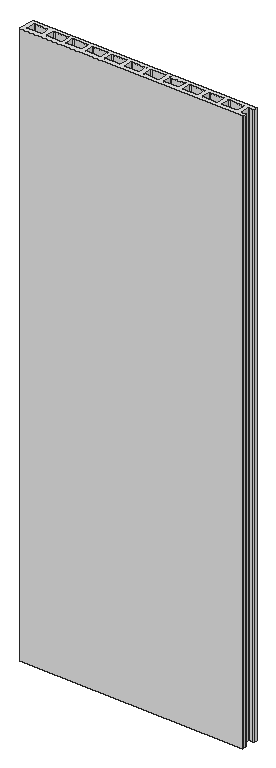
Revit family "ECP_MNH-6080A(オス側カット)", category 一般モデル, Revit 2022
Family settings
  鉄筋をホスト可能 = いいえ
  丸型コネクタ寸法 = 直径を使用
  パーツ タイプ = 標準
  作業面ベース = いいえ
  常に垂直 = はい
  ロード時にボイドで切り取り = はい
  注釈の向きを維持 = いいえ
  共有 = いいえ
  部屋計算ポイント = いいえ
Parameters (values of type "ECP_MNH-6080A")
  長さ [instance] = 2000 mm
  穴表示 = yes
  材質 = 40Msr_ECP
  既定の高さ = 0 mm
  既存長さ = 800 mm
  幅 [instance] = 790 mm
  固定寸法 = 790 mm
  厚さ = 60 mm
  オース側カット [instance] = 固定寸法 - 幅  # 0 mm
  4 オス側カット [instance] = yes
Reference planes
  plane 1 "中心(正面/背面)": y = 0
  plane 2: z = 0
  plane 3 "中心(左/右)": x = 0
  plane 4: y = -30
  plane 5: y = 30
  plane 6: z = 2000
  plane 7: x = 790
  plane 8: x = 0
Forms (mm)
  Extrusion 1, solid, material "40Msr_ECP" <- "材質", detail levels fine
    sketch origin (0, 0, 0) x (1, 0, 0) y (0, 1, 0)
      loop
        line (0, -28) -> (2, -30) -> (788, -30) -> (790, -28) -> (790, -19)
        arc (790, -19) -> (789.121, -16.879) -> (787, -16) r 3
        line (787, -16) -> (773, -16)
        arc (773, -16) -> (770.879, -15.121) -> (770, -13) r 3
        line (770, -13) -> (770, 13)
        arc (770, 13) -> (770.879, 15.121) -> (773, 16) r 3
        line (773, 16) -> (787, 16)
        arc (787, 16) -> (789.121, 16.879) -> (790, 19) r 3
        line (790, 19) -> (790, 28) -> (788, 30) -> (2, 30) -> (0, 28) -> (0, 16)
        arc (0, 16) -> (-0.879, 13.879) -> (-3, 13) r 3
        line (-3, 13) -> (-17, 13)
        arc (-17, 13) -> (-19.121, 12.121) -> (-20, 10) r 3
        line (-20, 10) -> (-20, -10)
        arc (-20, -10) -> (-19.121, -12.121) -> (-17, -13) r 3
        line (-17, -13) -> (-3, -13)
        arc (-3, -13) -> (-0.879, -13.879) -> (0, -16) r 3
        line (0, -16) -> (0, -28)
    from 0 to 2000
  Extrusion 2, void
    sketch origin (-50, 0, 0) x (1, 0, 0) y (0, 1, 0)
      loop
        line (30, -30) -> (50, -30) -> (50, 30) -> (30, 30) -> (30, -30)
    from 0 to 2000
  Extrusion 3, void
    sketch origin (-617, 0, 0) x (1, 0, 0) y (0, 1, 0)
      loop
        line (634.15, -16) -> (682.85, -16)
        arc (682.85, -16) -> (684.972, -15.121) -> (685.85, -13) r 3
        line (685.85, -13) -> (685.85, 13)
        arc (685.85, 13) -> (684.972, 15.121) -> (682.85, 16) r 3
        line (682.85, 16) -> (634.15, 16)
        arc (634.15, 16) -> (632.029, 15.121) -> (631.15, 13) r 3
        line (631.15, 13) -> (631.15, -13)
        arc (631.15, -13) -> (632.029, -15.121) -> (634.15, -16) r 3
      loop
        line (702.85, -16) -> (751.55, -16)
        arc (751.55, -16) -> (753.672, -15.121) -> (754.55, -13) r 3
        line (754.55, -13) -> (754.55, 13)
        arc (754.55, 13) -> (753.672, 15.121) -> (751.55, 16) r 3
        line (751.55, 16) -> (702.85, 16)
        arc (702.85, 16) -> (700.729, 15.121) -> (699.85, 13) r 3
        line (699.85, 13) -> (699.85, -13)
        arc (699.85, -13) -> (700.729, -15.121) -> (702.85, -16) r 3
      loop
        line (771.5, -16) -> (820.25, -16)
        arc (820.25, -16) -> (822.372, -15.121) -> (823.25, -13) r 3
        line (823.25, -13) -> (823.25, 13)
        arc (823.25, 13) -> (822.372, 15.121) -> (820.25, 16) r 3
        line (820.25, 16) -> (771.5, 16)
        arc (771.5, 16) -> (769.379, 15.121) -> (768.5, 13) r 3
        line (768.5, 13) -> (768.5, -13)
        arc (768.5, -13) -> (769.379, -15.121) -> (771.5, -16) r 3
      loop
        line (840.25, -16) -> (888.95, -16)
        arc (888.95, -16) -> (891.072, -15.121) -> (891.95, -13) r 3
        line (891.95, -13) -> (891.95, 13)
        arc (891.95, 13) -> (891.072, 15.121) -> (888.95, 16) r 3
        line (888.95, 16) -> (840.25, 16)
        arc (840.25, 16) -> (838.129, 15.121) -> (837.25, 13) r 3
        line (837.25, 13) -> (837.25, -13)
        arc (837.25, -13) -> (838.129, -15.121) -> (840.25, -16) r 3
      loop
        line (908.95, -16) -> (957.65, -16)
        arc (957.65, -16) -> (959.772, -15.121) -> (960.65, -13) r 3
        line (960.65, -13) -> (960.65, 13)
        arc (960.65, 13) -> (959.772, 15.121) -> (957.65, 16) r 3
        line (957.65, 16) -> (908.95, 16)
        arc (908.95, 16) -> (906.829, 15.121) -> (905.95, 13) r 3
        line (905.95, 13) -> (905.95, -13)
        arc (905.95, -13) -> (906.829, -15.121) -> (908.95, -16) r 3
      loop
        line (977.65, -16) -> (1026.35, -16)
        arc (1026.35, -16) -> (1028.472, -15.121) -> (1029.35, -13) r 3
        line (1029.35, -13) -> (1029.35, 13)
        arc (1029.35, 13) -> (1028.472, 15.121) -> (1026.35, 16) r 3
        line (1026.35, 16) -> (977.65, 16)
        arc (977.65, 16) -> (975.529, 15.121) -> (974.65, 13) r 3
        line (974.65, 13) -> (974.65, -13)
        arc (974.65, -13) -> (975.529, -15.121) -> (977.65, -16) r 3
      loop
        line (1046.35, -16) -> (1095.05, -16)
        arc (1095.05, -16) -> (1097.172, -15.121) -> (1098.05, -13) r 3
        line (1098.05, -13) -> (1098.05, 13)
        arc (1098.05, 13) -> (1097.172, 15.121) -> (1095.05, 16) r 3
        line (1095.05, 16) -> (1046.35, 16)
        arc (1046.35, 16) -> (1044.229, 15.121) -> (1043.35, 13) r 3
        line (1043.35, 13) -> (1043.35, -13)
        arc (1043.35, -13) -> (1044.229, -15.121) -> (1046.35, -16) r 3
      loop
        line (1115.05, -16) -> (1163.75, -16)
        arc (1163.75, -16) -> (1165.872, -15.121) -> (1166.75, -13) r 3
        line (1166.75, -13) -> (1166.75, 13)
        arc (1166.75, 13) -> (1165.872, 15.121) -> (1163.75, 16) r 3
        line (1163.75, 16) -> (1115.05, 16)
        arc (1115.05, 16) -> (1112.929, 15.121) -> (1112.05, 13) r 3
        line (1112.05, 13) -> (1112.05, -13)
        arc (1112.05, -13) -> (1112.929, -15.121) -> (1115.05, -16) r 3
      loop
        arc (1183.75, 16) -> (1181.629, 15.121) -> (1180.75, 13) r 3
        line (1180.75, 13) -> (1180.75, -13)
        arc (1180.75, -13) -> (1181.629, -15.121) -> (1183.75, -16) r 3
        line (1183.75, -16) -> (1232.45, -16)
        arc (1232.45, -16) -> (1234.572, -15.121) -> (1235.45, -13) r 3
        line (1235.45, -13) -> (1235.45, 13)
        arc (1235.45, 13) -> (1234.572, 15.121) -> (1232.45, 16) r 3
        line (1232.45, 16) -> (1183.75, 16)
      loop
        arc (1252.45, 16) -> (1250.329, 15.121) -> (1249.45, 13) r 3
        line (1249.45, 13) -> (1249.45, -13)
        arc (1249.45, -13) -> (1250.329, -15.121) -> (1252.45, -16) r 3
        line (1252.45, -16) -> (1301.15, -16)
        arc (1301.15, -16) -> (1303.272, -15.121) -> (1304.15, -13) r 3
        line (1304.15, -13) -> (1304.15, 13)
        arc (1304.15, 13) -> (1303.272, 15.121) -> (1301.15, 16) r 3
        line (1301.15, 16) -> (1252.45, 16)
      loop
        arc (1321.15, 16) -> (1319.029, 15.121) -> (1318.15, 13) r 3
        line (1318.15, 13) -> (1318.15, -13)
        arc (1318.15, -13) -> (1319.029, -15.121) -> (1321.15, -16) r 3
        line (1321.15, -16) -> (1369.85, -16)
        arc (1369.85, -16) -> (1371.972, -15.121) -> (1372.85, -13) r 3
        line (1372.85, -13) -> (1372.85, 13)
        arc (1372.85, 13) -> (1371.972, 15.121) -> (1369.85, 16) r 3
        line (1369.85, 16) -> (1321.15, 16)
    from 0 to 2000
Cuts and joins
  Extrusion 2, Extrusion 3 cuts Extrusion 1
Lines and regions (mm)
  symbolic lines, style "ECPパネル", detail levels coarse+medium
    curve 1: line (0, 30, 0) -> (790, 30, 0)
    curve 2: line (0, -30, 0) -> (0, 30, 0)
    curve 3: line (790, -30, 0) -> (0, -30, 0)
    curve 4: line (790, 30, 0) -> (790, -30, 0)
    curve 5: line (0, 0, 0) -> (790, 0, 0)
    curve 6: line (0, 0, 2000) -> (0, 0, 0)
    curve 7: line (790, 0, 2000) -> (0, 0, 2000)
    curve 8: line (790, 0, 0) -> (790, 0, 2000)
    curve 9: line (0, -30, 2000) -> (0, 30, 2000)
    curve 10: line (0, -30, 0) -> (0, -30, 2000)
    curve 11: line (0, 30, 0) -> (0, -30, 0)
    curve 12: line (0, 30, 2000) -> (0, 30, 0)
Dimensions and locks
  "厚さ": plane 4 to plane 5
  "長さ": plane 6 to level
  equal spacing: plane 4, plane 1 "中心(正面/背面)", plane 5
  "長さ": cut or joined group of Extrusion 1, Extrusion 2, Extrusion 3 to level
  "長さ": Extrusion 2 to level
  "幅": cut or joined group of Extrusion 1, Extrusion 2, Extrusion 3 to curve 8
  "長さ": level to Extrusion 3
  "固定寸法": plane 3 "中心(左/右)" to cut or joined group of Extrusion 1, Extrusion 2, Extrusion 3
  "幅": plane 8 to plane 7
  "オース側カット": plane 3 "中心(左/右)" to Extrusion 2 sketch curve
  aligned and locked: level to plane 2
Automatic sketch dimensions
  curve 11 to level = 0 mm
  curve 11 to plane 4 = 0 mm
  curve 11 to plane 5 = 0 mm
  curve 10 to plane 6 = 0 mm
  curve 7 to plane 3 "中心(左/右)" = 0 mm
  curve 5 to level = 0 mm
  curve 7 to plane 6 = 0 mm
  Extrusion 1 sketch curve to plane 3 "中心(左/右)" = 0 mm  (x2)
  plane 5 to Extrusion 1 sketch curve = 0 mm
  plane 4 to Extrusion 1 sketch curve = 0 mm
  Extrusion 1 sketch curve to plane 3 "中心(左/右)" = 3 mm  (x2)
  Extrusion 1 sketch curve to Extrusion 1 sketch curve = 14 mm  (x4)
  Extrusion 1 sketch curve to Extrusion 1 sketch curve = 3 mm  (x3)
  plane 3 "中心(左/右)" to Extrusion 1 sketch curve = 2 mm  (x2)
  plane 1 "中心(正面/背面)" to Extrusion 1 sketch curve = 13 mm
  Extrusion 1 sketch curve to Extrusion 1 sketch curve = 1 mm  (x2)
  Extrusion 1 sketch curve to Extrusion 1 sketch curve = 2 mm  (x2)
  Extrusion 1 sketch curve to plane 4 = 2 mm  (x2)
  Extrusion 1 sketch curve to Extrusion 1 sketch curve = 12 mm
  Extrusion 1 sketch curve to plane 1 "中心(正面/背面)" = 10 mm
  Extrusion 1 sketch curve to plane 1 "中心(正面/背面)" = 13 mm
  plane 5 to Extrusion 1 sketch curve = 2 mm  (x2)
  plane 3 "中心(左/右)" to Extrusion 3 sketch curve = 14.15 mm
  Extrusion 3 sketch curve to Extrusion 3 sketch curve = 3 mm  (x34)
  plane 5 to Extrusion 3 sketch curve = 14 mm  (x11)
  Extrusion 3 sketch curve to Extrusion 3 sketch curve = 48.7 mm  (x10)
  Extrusion 3 sketch curve to Extrusion 3 sketch curve = 0 mm  (x10)
  Extrusion 3 sketch curve to Extrusion 3 sketch curve = 14 mm  (x9)
  Extrusion 3 sketch curve to Extrusion 3 sketch curve = 13.95 mm
  plane 1 "中心(正面/背面)" to Extrusion 3 sketch curve = 13 mm  (x4)
  Extrusion 3 sketch curve to Extrusion 3 sketch curve = 48.75 mm
  Extrusion 3 sketch curve to plane 4 = 14 mm  (x7)
  Extrusion 1 sketch curve to Extrusion 1 sketch curve = 768 mm
  plane 4 to Extrusion 2 sketch curve = 0 mm
  plane 5 to Extrusion 2 sketch curve = 0 mm
  Extrusion 2 sketch curve to plane 3 "中心(左/右)" = 20 mm
  plane 4 to curve 2 = 0 mm
  curve 2 to plane 8 = 0 mm
  curve 4 to plane 7 = 0 mm
  plane 5 to curve 1 = 0 mm
